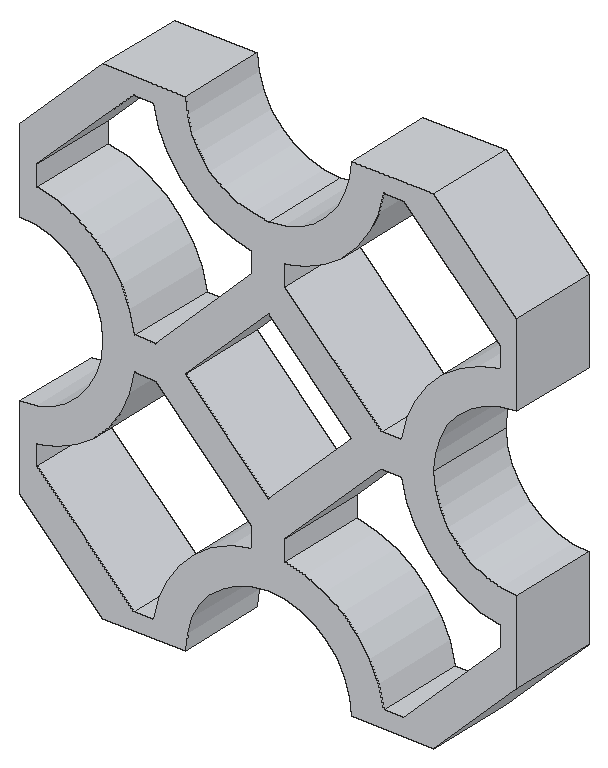
Revit family "Circular2", category Modelos genéricos, Revit 2019
Family settings
  Pode hospedar o vergalhão = Não
  Cota do conector redondo = Utilizar diâmetro
  Tipo de parte = Normal
  Com base no plano de trabalho = Não
  Sempre na vertical = Sim
  Corte com vazios quando carregada = Não
  Compartilhado = Não
  Ponto de cálculo do ambiente = Não
Parameters
  Espessura = 70 mm
  Material = none
Reference planes
  plane 1 "Centro (Frente/Trás)": y = 0
  plane 2: z = 0
  plane 3 "Centro (Esquerda/Direita)": x = 0
  plane 4: y = 35
  plane 5: y = -35
Forms (mm)
  Extrusion 1, solid, material <- "Material"
    sketch origin (0, 0, 0) x (1, 0, 0) y (0, 0, 1)
      loop
        line (0, 65) -> (65, 0) -> (130, 0)
        arc (130, 0) -> (149.038, 45.962) -> (195, 65) r 65
        arc (195, 65) -> (240.962, 45.962) -> (260, 0) r 65
        line (260, 0) -> (325, 0) -> (390, 65) -> (390, 130)
        arc (390, 130) -> (344.038, 149.038) -> (325, 195) r 65
        arc (325, 195) -> (344.038, 240.962) -> (390, 260) r 65
        line (390, 260) -> (390, 325) -> (325, 390) -> (260, 390)
        arc (260, 390) -> (240.962, 344.038) -> (195, 325) r 65
        arc (195, 325) -> (149.038, 344.038) -> (130, 390) r 65
        line (130, 390) -> (65, 390) -> (0, 325) -> (0, 260)
        arc (0, 260) -> (45.962, 240.962) -> (65, 195) r 65
        arc (65, 195) -> (45.962, 149.038) -> (0, 130) r 65
        line (0, 130) -> (0, 65)
      loop
        line (130, 195) -> (195, 130) -> (260, 195) -> (195, 260) -> (130, 195)
      loop
        line (13, 104.933) -> (13, 88.77) -> (88.77, 13) -> (104.933, 13)
        arc (104.933, 13) -> (130.653, 64.347) -> (182, 90.067) r 91
        line (182, 90.067) -> (182, 106.23) -> (106.23, 182) -> (90.067, 182)
        arc (90.067, 182) -> (64.347, 130.653) -> (13, 104.933) r 91
      loop
        arc (377, 104.933) -> (325.653, 130.653) -> (299.933, 182) r 91
        line (299.933, 182) -> (283.77, 182) -> (208, 106.23) -> (208, 90.067)
        arc (208, 90.067) -> (259.347, 64.347) -> (285.067, 13) r 91
        line (285.067, 13) -> (301.23, 13) -> (377, 88.77) -> (377, 104.933)
      loop
        arc (13, 285.067) -> (64.347, 259.347) -> (90.067, 208) r 91
        line (90.067, 208) -> (106.23, 208) -> (182, 283.77) -> (182, 299.933)
        arc (182, 299.933) -> (130.653, 325.653) -> (104.933, 377) r 91
        line (104.933, 377) -> (88.77, 377) -> (13, 301.23) -> (13, 285.067)
      loop
        line (377, 285.067) -> (377, 301.23) -> (301.23, 377) -> (285.067, 377)
        arc (285.067, 377) -> (259.347, 325.653) -> (208, 299.933) r 91
        line (208, 299.933) -> (208, 283.77) -> (283.77, 208) -> (299.933, 208)
        arc (299.933, 208) -> (325.653, 259.347) -> (377, 285.067) r 91
    from -35 to 35
Dimensions and locks
  equal spacing: plane 4, plane 1 "Centro (Frente/Trás)", plane 5
  "Espessura": plane 4 to plane 5
  aligned and locked: level to plane 2
  aligned and locked: plane 3 "Centro (Esquerda/Direita)" to Extrusion 1 sketch curve
  aligned and locked: plane 4 to Extrusion 1
  aligned and locked: plane 5 to Extrusion 1
Automatic sketch dimensions
  Extrusion 1 sketch curve to Extrusion 1 sketch curve = 0 mm  (x53)
  Extrusion 1 sketch curve to level = 0 mm
  plane 3 "Centro (Esquerda/Direita)" to Extrusion 1 sketch curve = 13 mm  (x2)
  plane 3 "Centro (Esquerda/Direita)" to Extrusion 1 sketch curve = 65 mm  (x3)
  Extrusion 1 sketch curve to Extrusion 1 sketch curve = 23.77 mm  (x9)
  level to Extrusion 1 sketch curve = 13 mm  (x2)
  Extrusion 1 sketch curve to Extrusion 1 sketch curve = 25.067 mm  (x9)
  Extrusion 1 sketch curve to Extrusion 1 sketch curve = 16.164 mm  (x16)
  Extrusion 1 sketch curve to Extrusion 1 sketch curve = 52 mm  (x4)
  Extrusion 1 sketch curve to Extrusion 1 sketch curve = 13 mm  (x4)
  Extrusion 1 sketch curve to Extrusion 1 sketch curve = 39.933 mm  (x2)
  Extrusion 1 sketch curve to Extrusion 1 sketch curve = 65 mm
  Extrusion 1 sketch curve to Extrusion 1 sketch curve = 26 mm  (x4)
  level to Extrusion 1 sketch curve = 283.77 mm
  level to Extrusion 1 sketch curve = 130 mm
  level to Extrusion 1 sketch curve = 65 mm  (x2)
